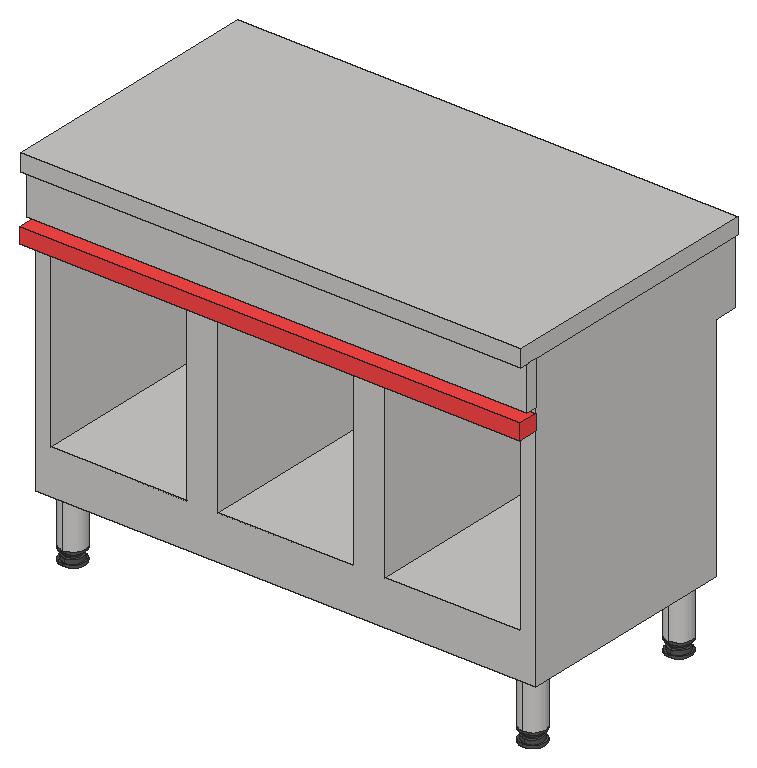
Revit family "ADB Armoire de rangement CMA 1200 P", category Equipement spécialisé, Revit 2022
Family settings
  Cote de connecteur circulaire = Utiliser le diamètre
  Type d'élément = Normal
  Numéro OmniClass = 23.40.40.14.17.11
  Titre OmniClass = Cookers, Ovens, Stoves
  Basée sur le plan de construction = Non
  Toujours verticalement = Oui
  Couper avec des vides une fois chargée = Non
  Conserver l'orientation des annotations = Non
  Partagée = Non
  Repère de localisation dans la pièce = Non
Parameters (values of type "CMA 1200 P")
  URL catalogue = "https://www.ambassade-de-bourgogne.com/fr/produits/armoires/Resources/N28-CMA_1200_P.pdf"
  URL = "https://www.ambassade-de-bourgogne.com/fr/produits/armoires/Resources/N28-CMA_1200_P.pdf"
  Type article = ""
  Spécification du Fabricant = ""
  Porte inversée [instance] = no
  Profondeur [instance] = 652 mm + if(Dosseret DSA 1200, 50 mm, 0 mm) + if(Porte CPM 400, 53 mm, 0 mm)  # 652 mm
  Porte CPM 400 [instance] = no
  Poids net à vide [instance] = 97.00 kg + if(Dosseret DSA 1200, 1.00 kg, 0.00 kg) + if(Porte CPM 400, 15.00 kg, 0.00 kg)  # 97.00 kg
  Modèle = "CMA 1200 P"
  Longueur [instance] = 1200 mm  # constant formula
  Hauteur [instance] = 900 mm + if(Dosseret DSA 1200, 100 mm, 0 mm)  # 900 mm
  Fabricant = "Société Industrielle de Lacanche"  # constant formula
  Elévation par défaut = 0 mm
  Echelles ECH 400 [instance] = no
  Dosseret DSA 1200 [instance] = no
  Dosseret [instance] = if(Dosseret DSA 1200, 50 mm, 0 mm)  # 0 mm
  Description = "Armoire de rangement"
  Connecteurs [instance] = yes
  Commentaires du type = "Gamme Ambassade - Armoires - Armoire de rangement"
Reference planes
  plane 1 "Centre (avant/arrière)": y = 0
  plane 2: z = 0
  plane 3 "Centre (gauche/droite)": x = 0
  plane 4 "gauche": x = -600
  plane 5 "droite": x = 600
  plane 6 "fond de meuble": y = 325
  plane 7 "avant": y = -325
  plane 8 "arrière": y = 325
  plane 9: z = 900
  plane 10: y = -327
Forms (mm)
  Extrusion 1, solid, detail levels coarse
    sketch origin (0, 0, 0) x (1, 0, 0) y (0, 1, 0)
      loop
        line (-600, 325.033) -> (-600, -327) -> (600, -327) -> (600, 325.033) -> (-600, 325.033)
    from 0 to 900 <- "Hauteur"
Dimensions and locks
  equal spacing: plane 5 "droite", plane 3 "Centre (gauche/droite)", plane 4 "gauche"
  "Longueur": plane 5 "droite" to plane 4 "gauche"
  plane 6 "fond de meuble" to plane 7 "avant" = 650 mm
  locked: plane 7 "avant" to plane 1 "Centre (avant/arrière)" at 325
  "Dosseret": plane 8 "arrière" to plane 6 "fond de meuble"
  "Hauteur": plane 9 to plane 2
  "Profondeur": plane 8 "arrière" to plane 10
  aligned and locked: level to plane 2
  aligned and locked: plane 3 "Centre (gauche/droite)" to nested 1
  aligned and locked: Extrusion 1 to plane 10
Automatic sketch dimensions
  Extrusion 1 sketch curve to plane 4 "gauche" = 0 mm
  Extrusion 1 sketch curve to plane 5 "droite" = 0 mm
  Extrusion 1 sketch curve to plane 7 "avant" = 2 mm
  plane 8 "arrière" to Extrusion 1 sketch curve = 0.033 mm
Nested families
  nested 1: "Soubassement armoire 1200" at (0, 0, 0), Dosseret <- "Dosseret DSA 1200", Porte <- "Porte CPM 400", Porte inversée <- "Porte inversée", Echelle <- "Echelles ECH 400", type "1 armoire", detail levels medium+fine
    with Profondeur 703 mm, Porte inversée no, Porte no, Longueur 1200 mm, Hauteur 900 mm, Encombrement Porte standard no, Encombrement Porte inversée no, Echelle no, Décalage poignée 233.5 mm, Dosseret no
Definition of nested family "Soubassement armoire 1200"
  Parameters (values of type "1 armoire")
    Profondeur produit = 650 mm
    Profondeur baie libre = if(Baie libre, Profondeur produit - 68 mm, 1 mm)  # 582 mm
    Porte inversée [instance] = no
    Longueur poignée = 229 mm  # constant formula
    Encombrement Porte inversée [instance] = and(Porte, Porte inversée)  # no
    Encombrement Porte standard [instance] = and(Porte, not(Porte inversée))  # no
    Porte [instance] = no
    Profondeur [instance] = Profondeur produit + if(Dosseret, 50 mm, 0 mm) + 53 mm  # 703 mm
    Longueur produit = 1200 mm
    Longueur [instance] = Longueur produit  # 1200 mm
    Hauteur produit = 900 mm
    Hauteur [instance] = Hauteur produit + if(Dosseret, 100 mm, 0 mm)  # 900 mm
    Default Elevation = 0 mm
    Echelle [instance] = no
    Décalage poignée [instance] = if(Porte inversée, 396.5 mm, 233.5 mm)  # 233.5 mm
    Dosseret [instance] = no
    Baie libre = yes
  Reference planes
    plane 1 "Centre (avant/arrière)": y = 0
    plane 2: z = 0
    plane 3 "Centre (gauche/droite)": x = 0
    plane 4 "Gauche": x = -600
    plane 5 "Arrière": y = 325
    plane 6 "Droite": x = 600
    plane 7 "Avant": y = -325
    plane 8 "dessous meuble": z = 155
    plane 9 "Dessus de plan": z = 900
    plane 10 "Baguette coloré": z = 696
    plane 11 "dessous plan": z = 860
    plane 12 "Face": y = -280
    plane 13 "commande": z = 755
    plane 14 "dessus dosseret": z = 900
    plane 15: y = -377.967
    plane 16: y = 325.033
    plane 17 "Baguette colorë": y = -780
    plane 18: x = -366.5
    plane 19: x = -203.5
  Forms (mm)
    Extrusion 1, solid, visible <- "Porte", detail levels medium+fine
      sketch origin (-600, 0, 0) x (0, 1, 0) y (0, 0, 1)
        loop
          line (-325, 155) -> (-280, 155) -> (-280, 696) -> (-325, 696) -> (-325, 155)
      from 0 to 1200 <- "Longueur"
    Extrusion 2, solid, detail levels medium+fine
      sketch origin (-600, 0, 0) x (0, 1, 0) y (0, 0, 1)
        loop
          line (-280, 742.5) -> (-327, 742.5) -> (-327, 705) -> (-280, 705) -> (-280, 742.5)
      from 0 to 1200 <- "Longueur"
    Extrusion 3, solid, detail levels medium+fine
      sketch origin (-600, 0, 0) x (0, 1, 0) y (0, 0, 1)
        loop
          line (325, 900) -> (-325, 900) -> (-325, 860) -> (325, 860) -> (325, 900)
      from 0 to 1200 <- "Longueur"
    Extrusion 4, void
      sketch origin (0, -325, 0) x (-1, 0, 0) y (0, 0, 1)
        loop
          line (563.5, 679) -> (236.5, 679) -> (236.5, 261.5) -> (563.5, 261.5) -> (563.5, 679)
        loop
          line (-563.5, 261.5) -> (-236.5, 261.5) -> (-236.5, 679) -> (-563.5, 679) -> (-563.5, 261.5)
        loop
          line (-163.5, 261.5) -> (163.5, 261.5) -> (163.5, 679) -> (-163.5, 679) -> (-163.5, 261.5)
      from 0 to 582 <- "Profondeur baie libre"
    Extrusion 5, solid, detail levels medium+fine
      sketch origin (-600, 0, 0) x (0, 1, 0) y (0, 0, 1)
        loop
          line (-280, 860) -> (-306, 860) -> (-306, 755) -> (-280, 755) -> (-280, 860)
      from 0 to 1200 <- "Longueur"
    Extrusion 6, solid, detail levels medium+fine
      sketch origin (-600, 0, 0) x (0, 1, 0) y (0, 0, 1)
        loop
          line (315, 860) -> (-280, 860) -> (-280, 155) -> (260, 155) -> (260, 707) -> (315, 707) -> (315, 860)
      from 0 to 1200 <- "Longueur"
    Revolve 7, solid, detail levels medium+fine
      sketch origin (551.965, 0, 0) x (0, 1, 0) y (0, 0, -1)
        loop
          line (-258.968, -155) -> (-229, -155) -> (-229, 0) -> (-258.492, 0) -> (-258.492, -5) -> (-253.001, -5) -> (-253.001, -13.586) -> (-248.857, -16.488) -> (-248.857, -22) -> (-252.82, -22) -> (-258.968, -28.148) -> (-258.968, -34) -> (-258.968, -155)
        axis (-229, 0) -> (-229, -155)
      angle from 0 to 360
    Revolve 8, solid, detail levels medium+fine
      sketch origin (-551.965, 0, 0) x (0, 1, 0) y (0, 0, 1)
        loop
          line (-258.968, 155) -> (-258.968, 34) -> (-258.968, 28.148) -> (-252.82, 22) -> (-248.857, 22) -> (-248.857, 16.488) -> (-253.001, 13.586) -> (-253.001, 5) -> (-258.492, 5) -> (-258.492, 0) -> (-229, 0) -> (-229, 155) -> (-258.968, 155)
        axis (-229, 0) -> (-229, 155)
      angle from 0 to 360
    Revolve 9, solid, detail levels medium+fine
      sketch origin (-551.965, -20, 0) x (0, -1, 0) y (0, 0, -1)
        loop
          line (-258.968, -155) -> (-229, -155) -> (-229, 0) -> (-258.492, 0) -> (-258.492, -5) -> (-253.001, -5) -> (-253.001, -13.586) -> (-248.857, -16.488) -> (-248.857, -22) -> (-252.82, -22) -> (-258.968, -28.148) -> (-258.968, -34) -> (-258.968, -155)
        axis (-229, 0) -> (-229, -155)
      angle from 0 to 360
    Extrusion 10, solid, visible <- "Dosseret", detail levels medium+fine
      sketch origin (-600, 0, 0) x (0, 1, 0) y (0, 0, 1)
        loop
          line (375.033, 1000) -> (325, 1000) -> (325, 860) -> (375.033, 860) -> (375.033, 1000)
      from 0 to 1200 <- "Longueur"
    Revolve 11, solid, detail levels medium+fine
      sketch origin (551.965, -20, 0) x (0, -1, 0) y (0, 0, 1)
        loop
          line (-258.968, 155) -> (-258.968, 34) -> (-258.968, 28.148) -> (-252.82, 22) -> (-248.857, 22) -> (-248.857, 16.488) -> (-253.001, 13.586) -> (-253.001, 5) -> (-258.492, 5) -> (-258.492, 0) -> (-229, 0) -> (-229, 155) -> (-258.968, 155)
        axis (-229, 0) -> (-229, 155)
      angle from 0 to 360
    Extrusion 12, void
      sketch origin (0, 0, 900) x (0, -1, 0) y (1, 0, 0)
        loop
          line (-307.033, -566.567) -> (-293.033, -566.567) -> (-293.033, 566.464) -> (-307.033, 566.464) -> (-307.033, -566.567)
      from 0 to -0.8
    Extrusion 13, solid, detail levels medium+fine
      sketch origin (-600, 260, 155) x (0, 0, 1) y (1, 0, 0)
        loop
          line (65, 1054) -> (65, 146) -> (552, 146) -> (552, 1054) -> (65, 1054)
      from 0 to 35
    Extrusion 14, solid, visible <- "Echelle"
      sketch origin (2.5, 0, 0) x (1, 0, 0) y (0, 0, 1)
        loop
          line (-566, 648.8) -> (-566, 623.8) -> (-556.5, 623.8) -> (-556.5, 625) -> (-564.8, 625) -> (-564.8, 647.6) -> (-548, 647.6) -> (-548, 648.8) -> (-566, 648.8)
        loop
          line (-566, 548.8) -> (-566, 523.8) -> (-556.5, 523.8) -> (-556.5, 525) -> (-564.8, 525) -> (-564.8, 547.6) -> (-548, 547.6) -> (-548, 548.8) -> (-566, 548.8)
        loop
          line (-566, 448.8) -> (-566, 423.8) -> (-556.5, 423.8) -> (-556.5, 425) -> (-564.8, 425) -> (-564.8, 447.6) -> (-548, 447.6) -> (-548, 448.8) -> (-566, 448.8)
        loop
          line (-566, 348.8) -> (-566, 323.8) -> (-556.5, 323.8) -> (-556.5, 325) -> (-564.8, 325) -> (-564.8, 347.6) -> (-548, 347.6) -> (-548, 348.8) -> (-566, 348.8)
        loop
          line (-239, 648.8) -> (-257, 648.8) -> (-257, 647.6) -> (-240.2, 647.6) -> (-240.2, 625) -> (-248.5, 625) -> (-248.5, 623.8) -> (-239, 623.8) -> (-239, 648.8)
        loop
          line (-239, 548.8) -> (-257, 548.8) -> (-257, 547.6) -> (-240.2, 547.6) -> (-240.2, 525) -> (-248.5, 525) -> (-248.5, 523.8) -> (-239, 523.8) -> (-239, 548.8)
        loop
          line (-239, 448.8) -> (-257, 448.8) -> (-257, 447.6) -> (-240.2, 447.6) -> (-240.2, 425) -> (-248.5, 425) -> (-248.5, 423.8) -> (-239, 423.8) -> (-239, 448.8)
        loop
          line (-239, 348.8) -> (-257, 348.8) -> (-257, 347.6) -> (-240.2, 347.6) -> (-240.2, 325) -> (-248.5, 325) -> (-248.5, 323.8) -> (-239, 323.8) -> (-239, 348.8)
      from -113.466 to 206.5
    Extrusion 15, solid, visible <- "Echelle"
      sketch origin (-2.5, 0, 0) x (-1, 0, 0) y (0, 0, -1)
        loop
          line (-566, -648.8) -> (-548, -648.8) -> (-548, -647.6) -> (-564.8, -647.6) -> (-564.8, -625) -> (-556.5, -625) -> (-556.5, -623.8) -> (-566, -623.8) -> (-566, -648.8)
        loop
          line (-566, -548.8) -> (-548, -548.8) -> (-548, -547.6) -> (-564.8, -547.6) -> (-564.8, -525) -> (-556.5, -525) -> (-556.5, -523.8) -> (-566, -523.8) -> (-566, -548.8)
        loop
          line (-566, -448.8) -> (-548, -448.8) -> (-548, -447.6) -> (-564.8, -447.6) -> (-564.8, -425) -> (-556.5, -425) -> (-556.5, -423.8) -> (-566, -423.8) -> (-566, -448.8)
        loop
          line (-566, -348.8) -> (-548, -348.8) -> (-548, -347.6) -> (-564.8, -347.6) -> (-564.8, -325) -> (-556.5, -325) -> (-556.5, -323.8) -> (-566, -323.8) -> (-566, -348.8)
        loop
          line (-239, -648.8) -> (-239, -623.8) -> (-248.5, -623.8) -> (-248.5, -625) -> (-240.2, -625) -> (-240.2, -647.6) -> (-257, -647.6) -> (-257, -648.8) -> (-239, -648.8)
        loop
          line (-239, -548.8) -> (-239, -523.8) -> (-248.5, -523.8) -> (-248.5, -525) -> (-240.2, -525) -> (-240.2, -547.6) -> (-257, -547.6) -> (-257, -548.8) -> (-239, -548.8)
        loop
          line (-239, -448.8) -> (-239, -423.8) -> (-248.5, -423.8) -> (-248.5, -425) -> (-240.2, -425) -> (-240.2, -447.6) -> (-257, -447.6) -> (-257, -448.8) -> (-239, -448.8)
        loop
          line (-239, -348.8) -> (-239, -323.8) -> (-248.5, -323.8) -> (-248.5, -325) -> (-240.2, -325) -> (-240.2, -347.6) -> (-257, -347.6) -> (-257, -348.8) -> (-239, -348.8)
      from -113.466 to 206.5
    Extrusion 16, solid, visible <- "Echelle"
      sketch origin (-402.5, 0, 0) x (-1, 0, 0) y (0, 0, -1)
        loop
          line (-566, -648.8) -> (-548, -648.8) -> (-548, -647.6) -> (-564.8, -647.6) -> (-564.8, -625) -> (-556.5, -625) -> (-556.5, -623.8) -> (-566, -623.8) -> (-566, -648.8)
        loop
          line (-566, -548.8) -> (-548, -548.8) -> (-548, -547.6) -> (-564.8, -547.6) -> (-564.8, -525) -> (-556.5, -525) -> (-556.5, -523.8) -> (-566, -523.8) -> (-566, -548.8)
        loop
          line (-566, -448.8) -> (-548, -448.8) -> (-548, -447.6) -> (-564.8, -447.6) -> (-564.8, -425) -> (-556.5, -425) -> (-556.5, -423.8) -> (-566, -423.8) -> (-566, -448.8)
        loop
          line (-566, -348.8) -> (-548, -348.8) -> (-548, -347.6) -> (-564.8, -347.6) -> (-564.8, -325) -> (-556.5, -325) -> (-556.5, -323.8) -> (-566, -323.8) -> (-566, -348.8)
        loop
          line (-239, -648.8) -> (-239, -623.8) -> (-248.5, -623.8) -> (-248.5, -625) -> (-240.2, -625) -> (-240.2, -647.6) -> (-257, -647.6) -> (-257, -648.8) -> (-239, -648.8)
        loop
          line (-239, -548.8) -> (-239, -523.8) -> (-248.5, -523.8) -> (-248.5, -525) -> (-240.2, -525) -> (-240.2, -547.6) -> (-257, -547.6) -> (-257, -548.8) -> (-239, -548.8)
        loop
          line (-239, -448.8) -> (-239, -423.8) -> (-248.5, -423.8) -> (-248.5, -425) -> (-240.2, -425) -> (-240.2, -447.6) -> (-257, -447.6) -> (-257, -448.8) -> (-239, -448.8)
        loop
          line (-239, -348.8) -> (-239, -323.8) -> (-248.5, -323.8) -> (-248.5, -325) -> (-240.2, -325) -> (-240.2, -347.6) -> (-257, -347.6) -> (-257, -348.8) -> (-239, -348.8)
      from -113.466 to 206.5
  Cuts and joins
    Extrusion 4 cuts Extrusion 6
    Extrusion 12 cuts Extrusion 10
  Lines and regions (mm)
    symbolic lines, visible <- "Encombrement Porte standard"
      curve 1: line (600, -280, 155) -> (600, -680, 155)
      curve 4: arc (200, -280, 155) -> (317.157, -562.843, 155) -> (600, -680, 155) r 400
      curve 11: line (200, -280, 155) -> (200, -680, 155)
      curve 12: arc (-200, -280, 155) -> (-82.843, -562.843, 155) -> (200, -680, 155) r 400
      curve 13: line (-200, -280, 155) -> (-200, -680, 155)
      curve 14: arc (-600, -280, 155) -> (-482.843, -562.843, 155) -> (-200, -680, 155) r 400
    symbolic lines, visible <- "Encombrement Porte inversée"
      curve 2: line (-600, -280, 155) -> (-600, -680, 155)
      curve 3: arc (-200, -280, 155) -> (-317.157, -562.843, 155) -> (-600, -680, 155) r 400
      curve 7: line (-200, -280, 155) -> (-200, -680, 155)
      curve 8: arc (200, -280, 155) -> (82.843, -562.843, 155) -> (-200, -680, 155) r 400
      curve 9: line (200, -280, 155) -> (200, -680, 155)
      curve 10: arc (600, -280, 155) -> (482.843, -562.843, 155) -> (200, -680, 155) r 400
    model lines, visible <- "Porte", detail levels medium+fine
      curve 5: line (-199, -325, 696) -> (-199, -325, 155)
      curve 6: line (201, -325, 696) -> (201, -325, 155)
  Dimensions and locks
    equal spacing: plane 7 "Avant", plane 1 "Centre (avant/arrière)", plane 5 "Arrière"
    "Profondeur produit": plane 5 "Arrière" to plane 7 "Avant"
    equal spacing: plane 4 "Gauche", plane 3 "Centre (gauche/droite)", plane 6 "Droite"
    "Longueur produit": plane 4 "Gauche" to plane 6 "Droite"
    "Hauteur produit": plane 9 "Dessus de plan" to plane 2
    locked: plane 8 "dessous meuble" to plane 2 at 155
    locked: plane 9 "Dessus de plan" to plane 11 "dessous plan" at 40
    locked: plane 7 "Avant" to plane 12 "Face" at 45
    locked: plane 13 "commande" to plane 10 "Baguette coloré" at 59
    locked: plane 11 "dessous plan" to plane 13 "commande" at 105
    Extrusion 4 sketch curve to plane 8 "dessous meuble" = 106.5 mm
    Extrusion 4 sketch curve to plane 6 "Droite" = 36.5 mm
    Extrusion 4 sketch curve to plane 4 "Gauche" = 36.5 mm
    plane 10 "Baguette coloré" to Extrusion 4 sketch curve = 17 mm
    "Hauteur": plane 14 "dessus dosseret" to plane 2
    locked: plane 7 "Avant" to plane 15 at 52.967
    "Profondeur": plane 15 to plane 16
    equal spacing: Extrusion 13 sketch curve, plane 3 "Centre (gauche/droite)", Extrusion 13 sketch curve
    "Décalage poignée": plane 18 to plane 4 "Gauche"
    locked: plane 4 "Gauche" to Revolve 9 at 18.067
    locked: Revolve 11 to plane 6 "Droite" at 18.067
    locked: Revolve 7 to plane 6 "Droite" at 18.067
    locked: plane 4 "Gauche" to Revolve 8 at 18.067
    locked: Revolve 8 to plane 12 "Face" at 21.032
    locked: Revolve 7 to plane 12 "Face" at 21.032
    locked: plane 5 "Arrière" to Extrusion 10 sketch curve at 50.033
    plane 16 to Extrusion 12 sketch curve to Extrusion 12 sketch curve = 18 mm locked, 14 mm locked
    Extrusion 4 sketch curve to Extrusion 4 sketch curve = 73 mm  (x2)
    locked: nested 2 to plane 18 at 176
    locked: nested 3 to plane 18 at 576
    locked: Extrusion 14 sketch curve to Extrusion 14 sketch curve at 327  (x2)
    aligned and locked: level to plane 2
    aligned and locked: plane 18 to nested 1
  Automatic sketch dimensions
    Extrusion 1 sketch curve to plane 7 "Avant" = 0 mm
    Extrusion 1 sketch curve to plane 10 "Baguette coloré" = 0 mm
    Extrusion 1 sketch curve to plane 12 "Face" = 0 mm
    Extrusion 1 sketch curve to plane 8 "dessous meuble" = 0 mm
    Extrusion 2 sketch curve to plane 12 "Face" = 0 mm
    Extrusion 2 sketch curve to plane 7 "Avant" = 2 mm
    plane 10 "Baguette coloré" to Extrusion 2 sketch curve = 9 mm
    Extrusion 2 sketch curve to plane 13 "commande" = 12.5 mm
    Extrusion 3 sketch curve to plane 7 "Avant" = 0 mm
    Extrusion 3 sketch curve to plane 5 "Arrière" = 0 mm
    Extrusion 3 sketch curve to plane 11 "dessous plan" = 0 mm
    Extrusion 3 sketch curve to plane 9 "Dessus de plan" = 0 mm
    plane 3 "Centre (gauche/droite)" to Extrusion 4 sketch curve = 236.5 mm
    Extrusion 4 sketch curve to plane 3 "Centre (gauche/droite)" = 163.5 mm
    plane 8 "dessous meuble" to Extrusion 4 sketch curve = 106.5 mm
    Extrusion 4 sketch curve to Extrusion 4 sketch curve = 0 mm
    Extrusion 4 sketch curve to plane 10 "Baguette coloré" = 17 mm  (x2)
    Extrusion 5 sketch curve to plane 11 "dessous plan" = 0 mm
    Extrusion 5 sketch curve to plane 13 "commande" = 0 mm
    Extrusion 5 sketch curve to plane 12 "Face" = 0 mm
    plane 7 "Avant" to Extrusion 5 sketch curve = 19 mm
    Extrusion 6 sketch curve to plane 11 "dessous plan" = 0 mm
    Extrusion 6 sketch curve to plane 12 "Face" = 0 mm
    Extrusion 6 sketch curve to plane 8 "dessous meuble" = 0 mm
    Extrusion 6 sketch curve to plane 5 "Arrière" = 65 mm
    Extrusion 6 sketch curve to plane 5 "Arrière" = 10 mm
    plane 10 "Baguette coloré" to Extrusion 6 sketch curve = 11 mm
    Revolve 7 sketch curve to plane 8 "dessous meuble" = 0 mm
    Revolve 7 sketch curve to level = 0 mm
    plane 12 "Face" to Revolve 7 sketch curve = 21.032 mm
    plane 12 "Face" to Revolve 7 sketch curve = 21.508 mm
    Revolve 7 sketch curve to Revolve 7 sketch curve = 5.491 mm
    Revolve 7 sketch curve to Revolve 7 sketch curve = 0.181 mm
    Revolve 7 sketch curve to Revolve 7 sketch curve = 3.964 mm
    Revolve 7 sketch curve to Revolve 7 sketch curve = 24.001 mm
    level to Revolve 7 sketch curve = 34 mm
    Revolve 7 sketch curve to Revolve 7 sketch curve = 5.852 mm
    Revolve 7 sketch curve to Revolve 7 sketch curve = 6.148 mm
    Revolve 7 sketch curve to Revolve 7 sketch curve = 5.512 mm
    Revolve 7 sketch curve to Revolve 7 sketch curve = 2.902 mm
    level to Revolve 7 sketch curve = 5 mm
    Revolve 7 sketch curve to Revolve 7 sketch curve = 0 mm
    plane 8 "dessous meuble" to Revolve 7 sketch curve = 19 mm
    Revolve 7 sketch curve to Revolve 7 sketch curve = 12 mm
    Revolve 8 sketch curve to plane 8 "dessous meuble" = 0 mm
    Revolve 8 sketch curve to level = 0 mm
    plane 12 "Face" to Revolve 8 sketch curve = 21.032 mm
    plane 12 "Face" to Revolve 8 sketch curve = 21.508 mm
    Revolve 8 sketch curve to Revolve 8 sketch curve = 5.491 mm
    Revolve 8 sketch curve to Revolve 8 sketch curve = 0.181 mm
    Revolve 8 sketch curve to Revolve 8 sketch curve = 3.964 mm
    Revolve 8 sketch curve to Revolve 8 sketch curve = 24.001 mm
    level to Revolve 8 sketch curve = 5 mm
    Revolve 8 sketch curve to Revolve 8 sketch curve = 8.586 mm
    Revolve 8 sketch curve to Revolve 8 sketch curve = 2.902 mm
    Revolve 8 sketch curve to Revolve 8 sketch curve = 5.512 mm
    Revolve 8 sketch curve to Revolve 8 sketch curve = 6.148 mm
    Revolve 8 sketch curve to Revolve 8 sketch curve = 5.852 mm
    Revolve 8 sketch curve to Revolve 8 sketch curve = 0 mm
    Revolve 8 sketch curve to Revolve 8 sketch curve = 12 mm
    plane 8 "dessous meuble" to Revolve 8 sketch curve = 19 mm
    Revolve 9 sketch curve to plane 8 "dessous meuble" = 0 mm
    Revolve 9 sketch curve to level = 0 mm
    level to Revolve 9 sketch curve = 28.148 mm
    Revolve 9 sketch curve to plane 5 "Arrière" = 86.032 mm
    Revolve 9 sketch curve to Revolve 9 sketch curve = 0.477 mm
    level to Revolve 9 sketch curve = 13.586 mm
    Revolve 9 sketch curve to Revolve 9 sketch curve = 5.491 mm
    Revolve 9 sketch curve to Revolve 9 sketch curve = 0.181 mm
    Revolve 9 sketch curve to Revolve 9 sketch curve = 3.964 mm
    Revolve 9 sketch curve to Revolve 9 sketch curve = 24.001 mm
    Revolve 9 sketch curve to Revolve 9 sketch curve = 5.852 mm
    Revolve 9 sketch curve to Revolve 9 sketch curve = 8.414 mm
    Revolve 9 sketch curve to Revolve 9 sketch curve = 2.902 mm
    level to Revolve 9 sketch curve = 5 mm
    Revolve 9 sketch curve to Revolve 9 sketch curve = 0 mm
    plane 8 "dessous meuble" to Revolve 9 sketch curve = 19 mm
    Revolve 9 sketch curve to Revolve 9 sketch curve = 12 mm
    Extrusion 10 sketch curve to plane 5 "Arrière" = 0 mm
    Extrusion 10 sketch curve to plane 11 "dessous plan" = 0 mm
    plane 9 "Dessus de plan" to Extrusion 10 sketch curve = 100 mm
    Revolve 11 sketch curve to plane 8 "dessous meuble" = 0 mm
    Revolve 11 sketch curve to level = 0 mm
    level to Revolve 11 sketch curve = 28.148 mm
    Revolve 11 sketch curve to plane 5 "Arrière" = 86.032 mm
    Revolve 11 sketch curve to Revolve 11 sketch curve = 0.477 mm
    level to Revolve 11 sketch curve = 13.586 mm
    Revolve 11 sketch curve to Revolve 11 sketch curve = 5.491 mm
    Revolve 11 sketch curve to Revolve 11 sketch curve = 0.181 mm
    Revolve 11 sketch curve to Revolve 11 sketch curve = 3.964 mm
    Revolve 11 sketch curve to Revolve 11 sketch curve = 24.001 mm
    level to Revolve 11 sketch curve = 5 mm
    Revolve 11 sketch curve to Revolve 11 sketch curve = 2.902 mm
    Revolve 11 sketch curve to Revolve 11 sketch curve = 5.512 mm
    Revolve 11 sketch curve to Revolve 11 sketch curve = 5.852 mm
    Revolve 11 sketch curve to Revolve 11 sketch curve = 0 mm
    Revolve 11 sketch curve to Revolve 11 sketch curve = 12 mm
    plane 8 "dessous meuble" to Revolve 11 sketch curve = 19 mm
    plane 4 "Gauche" to Extrusion 12 sketch curve = 33.433 mm
    plane 6 "Droite" to Extrusion 12 sketch curve = 33.536 mm
    Extrusion 13 sketch curve to Extrusion 6 = 0 mm
    Extrusion 6 to Extrusion 13 sketch curve = 65 mm
    Extrusion 6 to Extrusion 13 sketch curve = 146 mm
    plane 4 "Gauche" to Extrusion 14 sketch curve = 36.5 mm  (x4)
    Extrusion 14 sketch curve to Extrusion 14 sketch curve = 1.2 mm  (x24)
    Extrusion 14 sketch curve to Extrusion 14 sketch curve = 8.3 mm  (x7)
    Extrusion 14 sketch curve to Extrusion 14 sketch curve = 16.8 mm  (x5)
    Extrusion 14 sketch curve to plane 10 "Baguette coloré" = 47.2 mm
    Extrusion 14 sketch curve to Extrusion 14 sketch curve = 0 mm  (x2)
    Extrusion 14 sketch curve to Extrusion 14 sketch curve = 8.5 mm  (x4)
    Extrusion 14 sketch curve to plane 10 "Baguette coloré" = 48.4 mm
    Extrusion 14 sketch curve to Extrusion 14 sketch curve = 22.6 mm  (x8)
    Extrusion 14 sketch curve to Extrusion 14 sketch curve = 75 mm  (x6)
    plane 6 "Droite" to Extrusion 15 sketch curve = 36.5 mm  (x4)
    Extrusion 15 sketch curve to Extrusion 15 sketch curve = 1.2 mm  (x24)
    Extrusion 15 sketch curve to Extrusion 15 sketch curve = 8.3 mm  (x7)
    Extrusion 15 sketch curve to Extrusion 15 sketch curve = 16.8 mm  (x5)
    plane 3 "Centre (gauche/droite)" to Extrusion 15 sketch curve = 254.5 mm  (x2)
    Extrusion 15 sketch curve to plane 10 "Baguette coloré" = 47.2 mm  (x2)
    Extrusion 15 sketch curve to Extrusion 15 sketch curve = 0 mm  (x2)
    Extrusion 15 sketch curve to Extrusion 15 sketch curve = 8.5 mm  (x4)
    Extrusion 15 sketch curve to Extrusion 15 sketch curve = 22.6 mm  (x8)
    Extrusion 15 sketch curve to Extrusion 15 sketch curve = 75 mm  (x6)
    Extrusion 16 sketch curve to plane 10 "Baguette coloré" = 47.2 mm  (x2)
    plane 3 "Centre (gauche/droite)" to Extrusion 16 sketch curve = 163.5 mm  (x2)
    Extrusion 16 sketch curve to Extrusion 16 sketch curve = 0 mm  (x4)
    Extrusion 16 sketch curve to Extrusion 16 sketch curve = 1.2 mm  (x24)
    Extrusion 16 sketch curve to Extrusion 16 sketch curve = 8.3 mm  (x7)
    Extrusion 16 sketch curve to Extrusion 16 sketch curve = 16.8 mm  (x5)
    Extrusion 16 sketch curve to plane 3 "Centre (gauche/droite)" = 145.5 mm  (x2)
    Extrusion 16 sketch curve to Extrusion 16 sketch curve = 8.5 mm  (x4)
    Extrusion 16 sketch curve to Extrusion 16 sketch curve = 22.6 mm  (x8)
    Extrusion 16 sketch curve to Extrusion 16 sketch curve = 75 mm  (x6)
    curve 6 to Extrusion 1 = 0 mm  (x2)
    curve 5 to Extrusion 1 = 0 mm  (x2)
    Extrusion 1 to curve 5 = 401 mm
    Extrusion 1 to curve 6 = 399 mm
    curve 8 to curve 14 = 0 mm  (x2)
    curve 10 to curve 12 = 0 mm  (x2)
    curve 1 to plane 6 "Droite" = 0 mm
    curve 10 to plane 6 "Droite" = 0 mm
    curve 12 to plane 12 "Face" = 0 mm
    curve 4 to plane 12 "Face" = 0 mm
    curve 11 to plane 12 "Face" = 0 mm
    curve 8 to plane 12 "Face" = 0 mm
    curve 9 to plane 12 "Face" = 0 mm
    curve 7 to plane 12 "Face" = 0 mm
    curve 3 to plane 12 "Face" = 0 mm
    curve 13 to plane 12 "Face" = 0 mm
    curve 3 to plane 4 "Gauche" = 0 mm
    curve 14 to plane 4 "Gauche" = 0 mm
    curve 1 to plane 12 "Face" = 0 mm
    curve 2 to plane 12 "Face" = 0 mm
    plane 3 "Centre (gauche/droite)" to curve 12 = 200 mm
    curve 8 to curve 12 = 0 mm
    plane 17 "Baguette colorë" to curve 2 = 100 mm
    plane 17 "Baguette colorë" to curve 1 = 100 mm
  Nested families
    nested 1: "Poignée" at (-481, -325, 681.933) x (1, 0, 0) z (0, -1, 0), visible <- "Porte", Longueur <- "Longueur poignée", type "Poignée", detail levels fine
      with Longueur 229 mm
    nested 2: "Poignée" at (-81, -325, 681.933) x (1, 0, 0) z (0, -1, 0), visible <- "Porte", Longueur <- "Longueur poignée", type "Poignée", detail levels fine
      with Longueur 229 mm
    nested 3: "Poignée" at (319, -325, 681.933) x (1, 0, 0) z (0, -1, 0), visible <- "Porte", Longueur <- "Longueur poignée", type "Poignée", detail levels fine
      with Longueur 229 mm
  Definition of nested family "Poignée"
    Parameters (values of type "Poignée")
      Longueur [instance] = 800 mm
      Default Elevation = 1219.2 mm
    Reference planes
      plane 1 "Centre (avant/arrière)": y = 0
      plane 2: z = 0
      plane 3 "Centre (gauche/droite)": x = 0
      plane 4: x = -400
      plane 5: x = 400
      plane 6: x = -395
      plane 7: x = 395
    Forms (mm)
      Extrusion 1, solid
        sketch origin (0, 0, 0) x (1, 0, 0) y (0, 1, 0)
          loop
            line (-1219.2, 1219.2) -> (-1219.2, -1219.2) -> (1219.2, -1219.2) -> (1219.2, 1219.2) -> (-1219.2, 1219.2)
        from 0 to -304.8
      Extrusion 2, solid
        sketch origin (0, 0, 0) x (0, 1, 0) y (0, 0, 1)
          loop
            circle (0, 38.995) r 13.972
        from -395 to 395
      Extrusion 3, solid
        sketch origin (0, 0, 0) x (1, 0, 0) y (0, 1, 0)
          loop
            circle (-363.542, 0) r 8.5
          loop
            circle (363.453, 0) r 8.5
        from 0 to 37.089
    Cuts and joins
      joined: Extrusion 2, Extrusion 3
    Dimensions and locks
      equal spacing: plane 4, plane 3 "Centre (gauche/droite)", plane 5
      "Longueur": plane 4 to plane 5
      locked: plane 4 to plane 6 at 5
      locked: plane 7 to plane 5 at 5
      locked: plane 6 to Extrusion 3 sketch curve at 31.458
      locked: Extrusion 3 sketch curve to plane 7 at 31.547
      aligned and locked: plane 2 to Extrusion 1
      aligned and locked: level to Extrusion 1
      aligned and locked: plane 6 to Extrusion 2
      aligned and locked: Extrusion 2 to plane 7
      aligned and locked: plane 1 "Centre (avant/arrière)" to Extrusion 3 sketch curve
    Automatic sketch dimensions
      Extrusion 1 sketch curve to Extrusion 1 sketch curve = 2438.4 mm  (x2)
      Extrusion 2 sketch curve to plane 1 "Centre (avant/arrière)" = 0 mm
      level to Extrusion 2 sketch curve = 38.995 mm
      plane 1 "Centre (avant/arrière)" to Extrusion 3 sketch curve = 0 mm
      radius of Extrusion 2 sketch curve = 13.972 mm
      radius of Extrusion 3 sketch curve = 8.5 mm  (x2)
